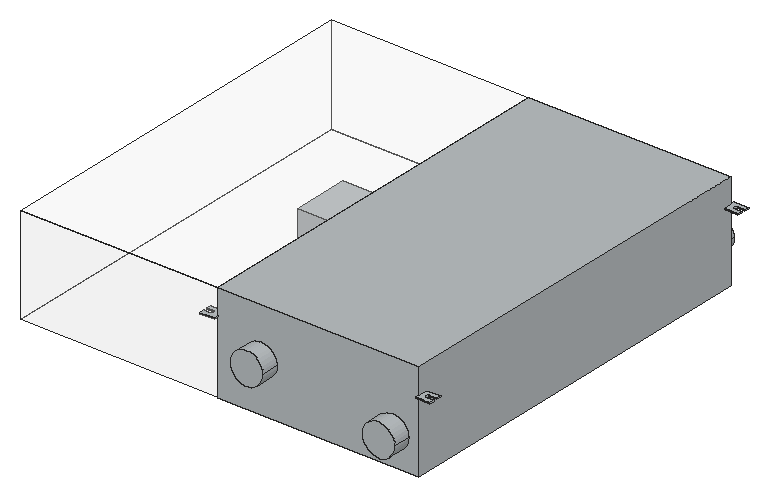
Revit family "lgh-n15_35rkx2(d)_rks2(d)_60Hz", category 機械設備, Revit 2019
Family settings
  丸型コネクタ寸法 = 直径を使用
  パーツ タイプ = 標準
  OmniClass 番号 = 23.75.10.34.21
  OmniClass タイトル = Heat Exchangers for Ventilation Air
  作業面ベース = いいえ
  常に垂直 = はい
  ロード時にボイドで切り取り = いいえ
  共有 = いいえ
  部屋計算ポイント = はい
Parameters (values of type "LGH-N15RKS2")
  騒音レベル(dB(A)) = 29
  風量 = 150.0 m³/h
  面風速 = 5.3 m/s
  電源種別 [instance] = ""
  電圧 = 100 V
  電動機出力 = 0 W
  集中コントローラ = ""
  運転質量 = 0.00 kg
  連動 [instance] = ""
  質量 = if(製品質量 > 運転質量, 製品質量, 運転質量) * 1.2  # 39.60 kg
  負荷分類 = 3_ファン類
  説明 = "業務用ロスナイ 天井埋込形加湿付"
  設計風量 = 0.0 m³/h
  設置方法 = "天井吊(隠ぺい)形"
  記号 [instance] = ""
  製造元 = "三菱電機株式会社"
  製品質量 = 33.00 kg
  製品出荷対象 = "国内"
  製品リリース年月 = "2015/1/30"
  製品グループ = ""
  給水管_D = 358 mm
  給水管_H = 92 mm
  給水管_Depth = 10 mm
  系統 [instance] = ""
  符号 = "HEU"
  積算_科目 = "1 空気調和設備"
  積算_拾い区分 [instance] = ""
  相 = 1
  盤記号 [instance] = ""
  発停方法 [instance] = ""
  特殊仕様 [instance] = ""
  点検口高さ = -Height  # -298 mm
  点検口離隔 = 150 mm
  点検口1_Width = 点検口1_Depth  # 450 mm
  点検口1_Depth = 450 mm
  点検口1_Center = 656 mm
  点検口 = yes
  火災停止 [instance] = ""
  温度交換効率 = 74.00%
  消費電力_加湿器 = 0 W
  消費電力 = 133 W
  法定耐用年数 = "15"
  機外静圧_排気 = 130.0 Pa
  機外静圧 = 130.0 Pa
  極数 = 2
  材質 [instance] = ""
  本体マテリアル = 溶融亜鉛めっき鋼板
  有効加湿量 = 0.44
  操作・制御方式 = ""
  操作・制御スイッチ = ""
  排気量 = 0.0 m³/h
  形式_加湿器 = ""
  形式 = "天井埋込ダクト形"
  幹線記号 [instance] = ""
  対象室 [instance] = ""
  実風量 = 0.0 m³/h
  始動方式 [instance] = "直入"
  天吊金具_径 = 6.5 mm
  天吊金具_幅 = 20 mm
  外気量 = 設計風量  # 0.0 m³/h
  呼称 = "全熱交換ユニット"
  周波数 = 60 Hz
  吊りボルトピッチ2 = 1169 mm
  吊りボルトピッチ1 = 658 mm
  吊りボルト_高さ = 75 mm
  参照している仕様書等のバージョン = ""
  加湿給水管径 = 21.7 mm
  初期抵抗 = 0.0 Pa
  分類コード = "50052504100070"
  分類グループ = ""
  価格 = 328000
  企業コード = "108420"
  付属品_フィルター_還気 = ""
  付属品_フィルター = ""
  付属品 [instance] = ""
  仕様書バージョン = "Version1.0"
  モデル = "LGH-N15RKS2"
  メンテナンススペース = yes
  ドレン管径 = 32 mm
  ドレン管_D = 307 mm
  ドレン管_H = 25 mm
  ドレン管_Depth = 10 mm
  コメント [instance] = ""
  Keynote = ""
  エンタルピ交換効率_暖房 = 69.00%
  エンタルピ交換効率_冷房 = 68.00%
  Assembly Code = ""
  Width = 611 mm
  Version = ""
  Uniclass2015Version = "Systems v1.9"
  Uniclass2015Title = "Thermal wheels"
  Uniclass2015Code = "Pr_60_60_36_88"
  URL = "https://www.mitsubishielectric.co.jp/ldg/wink/ssl/displayProduct.do?pid=254490"
  SpecificationReference = ""
  SpecificationDescription = ""
  SMAX風量 = 0.0 m³/h
  SMAX静圧 = 0.0 Pa
  SAサイズ_W = 0 mm
  SAサイズ_D = 97.5 mm
  Revision = ""
  RAサイズ_W = 0 mm
  RAサイズ_D = 97.5 mm
  ProductInformation = ""
  OmniClassCode = "23-27 23 19 11"
  OAダクト接続口方向_標準 = yes
  OAダクト接続口方向_変更 = not(OAダクト接続口方向_標準)  # no
  OAサイズ_W = 0 mm
  OAサイズ_D = 97.5 mm
  MIN風量 = 50.0 m³/h
  MIN静圧 = 15.0 Pa
  MID風量 = 100.0 m³/h
  MID静圧 = 60.0 Pa
  MAX風量 = 150.0 m³/h
  MAX静圧 = 130.0 Pa
  IfcTypeProduct = ""
  IfcProduct = ""
  IfcExportType = "ROTARYWHEEL"
  IfcExportAs = "IfcAirToAirHeatRecoveryType"
  Height = 298 mm
  EAダクト接続口方向_標準 = yes
  EAダクト接続口方向_変更 = not(EAダクト接続口方向_標準)  # no
  EAサイズ_W = 0 mm
  EAサイズ_D = 97.5 mm
  Duct_Width_RA = 225 mm
  Duct_Pitch_SA_RA = 400 mm
  Duct_Pitch_OA_EA = 450 mm
  Duct_Height_SA = 149 mm
  Duct_Height = 95 mm
  Duct_Depth = 53 mm
  Duct_Change_Center = 119 mm
  Depth = 1182 mm
  Clearance Top = 0 mm
  Clearance Left = 600 mm
  Clearance Bottom = 0 mm
  Box_Depth = 172 mm
  Box_Height = 262 mm
  Box_H = 20 mm
  Box_Width = 115 mm
  Box_D = 446 mm
  Author = "三菱電機株式会社"
Types (12, lengths in mm): name | 騒音レベル(dB(A)) | 風量 | 面風速 | 電圧 | 質量 | 製品質量 | 点検口高さ | 点検口1_Center | 温度交換効率 | 消費電力 | 機外静圧_排気 | 機外静圧 | 極数 | 有効加湿量 | 吊りボルトピッチ2 | 吊りボルトピッチ1 | 吊りボルト_高さ | 参照している仕様書等のバージョン | 価格 | モデル | エンタルピ交換効率_暖房 | エンタルピ交換効率_冷房 | Width | URL | SMAX風量 | SMAX静圧 | SAサイズ_D | RAサイズ_D | OAサイズ_D | MIN風量 | MIN静圧 | MID風量 | MID静圧 | MAX風量 | MAX静圧 | Height | EAサイズ_D | Duct_Width_RA | Duct_Pitch_SA_RA | Duct_Pitch_OA_EA | Duct_Height_SA | Duct_Height | Duct_Depth | Duct_Change_Center | Depth | Box_H | Box_D
  LGH-N15RKS2 | 29 | 150.0 m³/h | 5.3 m/s | 100 V | 39.60 kg | 33.00 kg | -298 | 656 | 74.00% | 133 W | 130.0 Pa | 130.0 Pa | 2 | 0.44 | 1169 | 658 | 75 | "" | 328000 | "LGH-N15RKS2" | 69.00% | 68.00% | 611 | "https://www.mitsubishielectric.co.jp/ldg/wink/ssl/displayProduct.do?pid=254490" | 0.0 m³/h | 0.0 Pa | 97.5 | 97.5 | 97.5 | 50.0 m³/h | 15.0 Pa | 100.0 m³/h | 60.0 Pa | 150.0 m³/h | 130.0 Pa | 298 | 97.5 | 225 | 400 | 450 | 149 | 95 | 53 | 119 | 1182 | 20 | 446
  LGH-N15RKS2D | 29 | 150.0 m³/h | 5.3 m/s | 200 V | 39.60 kg | 33.00 kg | -298 | 656 | 74.00% | 125 W | 130.0 Pa | 130.0 Pa | 3 | 0.44 | 1169 | 658 | 75 | "" | 328000 | "LGH-N15RKS2D" | 69.00% | 68.00% | 611 | "https://www.mitsubishielectric.co.jp/ldg/wink/ssl/displayProduct.do?pid=254491" | 0.0 m³/h | 0.0 Pa | 97.5 | 97.5 | 97.5 | 60.0 m³/h | 21.0 Pa | 100.0 m³/h | 60.0 Pa | 150.0 m³/h | 130.0 Pa | 298 | 97.5 | 225 | 400 | 450 | 149 | 95 | 53 | 119 | 1182 | 20 | 446
  LGH-N15RKX2 | 29 | 150.0 m³/h | 5.3 m/s | 100 V | 39.60 kg | 33.00 kg | -298 | 656 | 74.00% | 133 W | 130.0 Pa | 130.0 Pa | 2 | 0.44 | 1169 | 658 | 75 | "公共建築工事標準仕様書（機械設備工事編）平成31年度版" | 475000 | "LGH-N15RKX2" | 69.00% | 68.00% | 611 | "https://www.mitsubishielectric.co.jp/ldg/wink/ssl/displayProduct.do?pid=254492" | 0.0 m³/h | 0.0 Pa | 97.5 | 97.5 | 97.5 | 50.0 m³/h | 15.0 Pa | 100.0 m³/h | 60.0 Pa | 150.0 m³/h | 130.0 Pa | 298 | 97.5 | 225 | 400 | 450 | 149 | 95 | 53 | 119 | 1182 | 20 | 446
  LGH-N15RKX2D | 29 | 150.0 m³/h | 5.3 m/s | 200 V | 39.60 kg | 33.00 kg | -298 | 656 | 74.00% | 125 W | 130.0 Pa | 130.0 Pa | 3 | 0.44 | 1169 | 658 | 75 | "公共建築工事標準仕様書（機械設備工事編）平成31年度版" | 475000 | "LGH-N15RKX2D" | 69.00% | 68.00% | 611 | "https://www.mitsubishielectric.co.jp/ldg/wink/ssl/displayProduct.do?pid=254475" | 0.0 m³/h | 0.0 Pa | 97.5 | 97.5 | 97.5 | 60.0 m³/h | 21.0 Pa | 100.0 m³/h | 60.0 Pa | 150.0 m³/h | 130.0 Pa | 298 | 97.5 | 225 | 400 | 450 | 149 | 95 | 53 | 119 | 1182 | 20 | 446
  LGH-N25RKS2 | 29 | 250.0 m³/h | 3.9 m/s | 100 V | 43.20 kg | 36.00 kg | -298 | 656 | 74.00% | 162 W | 90.0 Pa | 90.0 Pa | 2 | 0.73 | 1199 | 782 | 75 | "" | 356000 | "LGH-N25RKS2" | 69.00% | 68.00% | 735 | "https://www.mitsubishielectric.co.jp/ldg/wink/ssl/displayProduct.do?pid=254493" | 0.0 m³/h | 0.0 Pa | 142 | 142 | 142 | 70.0 m³/h | 7.0 Pa | 145.0 m³/h | 30.0 Pa | 250.0 m³/h | 90.0 Pa | 298 | 142 | 265 | 505 | 530 | 149 | 115 | 63 | 102 | 1212 | 20 | 476
  LGH-N25RKS2D | 29 | 250.0 m³/h | 3.9 m/s | 200 V | 43.20 kg | 36.00 kg | -298 | 656 | 74.00% | 173 W | 90.0 Pa | 90.0 Pa | 3 | 0.73 | 1199 | 782 | 75 | "" | 356000 | "LGH-N25RKS2D" | 69.00% | 68.00% | 735 | "https://www.mitsubishielectric.co.jp/ldg/wink/ssl/displayProduct.do?pid=254494" | 0.0 m³/h | 0.0 Pa | 142 | 142 | 142 | 70.0 m³/h | 7.0 Pa | 155.0 m³/h | 35.0 Pa | 250.0 m³/h | 90.0 Pa | 298 | 142 | 265 | 505 | 530 | 149 | 115 | 63 | 102 | 1212 | 20 | 476
  LGH-N25RKX2 | 29 | 250.0 m³/h | 3.9 m/s | 100 V | 43.20 kg | 36.00 kg | -298 | 656 | 74.00% | 162 W | 90.0 Pa | 90.0 Pa | 2 | 0.73 | 1199 | 782 | 75 | "公共建築工事標準仕様書（機械設備工事編）平成31年度版" | 515000 | "LGH-N25RKX2" | 69.00% | 68.00% | 735 | "https://www.mitsubishielectric.co.jp/ldg/wink/ssl/displayProduct.do?pid=254495" | 0.0 m³/h | 0.0 Pa | 142 | 142 | 142 | 70.0 m³/h | 7.0 Pa | 145.0 m³/h | 30.0 Pa | 250.0 m³/h | 90.0 Pa | 298 | 142 | 265 | 505 | 530 | 149 | 115 | 63 | 102 | 1212 | 20 | 476
  LGH-N25RKX2D | 29 | 250.0 m³/h | 3.9 m/s | 200 V | 43.20 kg | 36.00 kg | -298 | 656 | 74.00% | 173 W | 90.0 Pa | 90.0 Pa | 3 | 0.73 | 1199 | 782 | 75 | "公共建築工事標準仕様書（機械設備工事編）平成31年度版" | 515000 | "LGH-N25RKX2D" | 69.00% | 68.00% | 735 | "https://www.mitsubishielectric.co.jp/ldg/wink/ssl/displayProduct.do?pid=254496" | 0.0 m³/h | 0.0 Pa | 142 | 142 | 142 | 70.0 m³/h | 7.0 Pa | 155.0 m³/h | 35.0 Pa | 250.0 m³/h | 90.0 Pa | 298 | 142 | 265 | 505 | 530 | 149 | 115 | 63 | 102 | 1212 | 20 | 476
  LGH-N35RKS2 | 32.5 | 350.0 m³/h | 5.5 m/s | 100 V | 52.80 kg | 44.00 kg | -331 | 732 | 75.00% | 227 W | 170.0 Pa | 170.0 Pa | 2 | 1.01 | 1275 | 922 | 85 | "" | 406000 | "LGH-N35RKS2" | 71.00% | 70.00% | 874 | "https://www.mitsubishielectric.co.jp/ldg/wink/ssl/displayProduct.do?pid=254497" | 350.0 m³/h | 170.0 Pa | 142 | 142 | 142 | 110.0 m³/h | 7.0 Pa | 250.0 m³/h | 50.0 Pa | 350.0 m³/h | 85.0 Pa | 331 | 142 | 325 | 400 | 650 | 165 | 110 | 64 | 124 | 1288 | 12 | 476
  LGH-N35RKS2D | 32.5 | 350.0 m³/h | 5.5 m/s | 200 V | 52.80 kg | 44.00 kg | -331 | 732 | 75.00% | 212 W | 170.0 Pa | 170.0 Pa | 3 | 1.01 | 1275 | 922 | 85 | "" | 406000 | "LGH-N35RKS2D" | 71.00% | 70.00% | 874 | "https://www.mitsubishielectric.co.jp/ldg/wink/ssl/displayProduct.do?pid=254498" | 350.0 m³/h | 170.0 Pa | 142 | 142 | 142 | 135.0 m³/h | 10.0 Pa | 245.0 m³/h | 40.0 Pa | 350.0 m³/h | 85.0 Pa | 331 | 142 | 325 | 400 | 650 | 165 | 110 | 64 | 124 | 1288 | 12 | 476
  LGH-N35RKX2 | 32.5 | 350.0 m³/h | 5.5 m/s | 100 V | 52.80 kg | 44.00 kg | -331 | 732 | 75.00% | 227 W | 170.0 Pa | 170.0 Pa | 2 | 1.01 | 1275 | 922 | 85 | "公共建築工事標準仕様書（機械設備工事編）平成31年度版" | 573000 | "LGH-N35RKX2" | 71.00% | 70.00% | 874 | "https://www.mitsubishielectric.co.jp/ldg/wink/ssl/displayProduct.do?pid=254499" | 350.0 m³/h | 170.0 Pa | 142 | 142 | 142 | 110.0 m³/h | 7.0 Pa | 250.0 m³/h | 50.0 Pa | 350.0 m³/h | 85.0 Pa | 331 | 142 | 325 | 400 | 650 | 165 | 110 | 64 | 124 | 1288 | 12 | 476
  LGH-N35RKX2D | 32.5 | 350.0 m³/h | 5.5 m/s | 200 V | 52.80 kg | 44.00 kg | -331 | 732 | 75.00% | 212 W | 170.0 Pa | 170.0 Pa | 3 | 1.01 | 1275 | 922 | 85 | "公共建築工事標準仕様書（機械設備工事編）平成31年度版" | 573000 | "LGH-N35RKX2D" | 71.00% | 70.00% | 874 | "https://www.mitsubishielectric.co.jp/ldg/wink/ssl/displayProduct.do?pid=254500" | 350.0 m³/h | 170.0 Pa | 142 | 142 | 142 | 135.0 m³/h | 10.0 Pa | 245.0 m³/h | 40.0 Pa | 350.0 m³/h | 85.0 Pa | 331 | 142 | 325 | 400 | 650 | 165 | 110 | 64 | 124 | 1288 | 12 | 476
Reference planes
  plane 1 "中心(正面/背面)": y = 0
  plane 2: z = 0
  plane 3 "中心(左/右)": x = 0
  plane 4: x = -305.5
  plane 5: x = 305.5
  plane 6: y = 591
  plane 7: y = -591
  plane 8: z = -298
  plane 9: z = -203
  plane 10: z = -149
  plane 11: x = 225
  plane 12: x = -175
  plane 13: y = -644
  plane 14: y = 644
  plane 15: x = -225
  plane 16: x = 225
  plane 17: y = -145
  plane 18: z = -20
  plane 19: y = 27
  plane 20: z = -282
  plane 21: x = -420.5
  plane 22: y = -284
  plane 23: y = -233
  plane 24: z = -273
  plane 25: z = -206
  plane 26: x = -315.5
  plane 27: x = -315.5
  plane 28: y = 472
  plane 29: x = -358.5
  plane 30: x = 358.5
  plane 31: x = -905.5
  plane 32: z = -298
  plane 33: y = -336
  plane 34: x = -455.5
  plane 35: y = 160
  plane 36: x = -329
  plane 37: x = 329
  plane 38: y = -584.5
  plane 39: y = 584.5
  plane 40: y = -65
  plane 41: y = -290
  plane 42: x = -349
  plane 43: x = 349
  plane 44: y = 564.5
  plane 45: y = 604.5
  plane 46: z = -75
  plane 47: z = -78
  plane 48: y = -564.5
  plane 49: y = -604.5
  plane 50: z = 0
Forms (mm)
  Extrusion 1, solid, material "溶融亜鉛めっき鋼板" <- "本体マテリアル", detail levels fine
    sketch origin (0, 0, 0) x (1, 0, 0) y (0, 1, 0)
      loop
        line (-305.5, 591) -> (-305.5, -591) -> (305.5, -591) -> (305.5, 591) -> (-305.5, 591)
    from 0 to -298
  Extrusion 2, solid, material "溶融亜鉛めっき鋼板" <- "本体マテリアル", detail levels fine
    sketch origin (0, 0, 0) x (1, 0, 0) y (0, 0, 1)
      loop
        circle (-175, -149) r 48.75
    from 591 to 644
  Extrusion 3, solid, material "溶融亜鉛めっき鋼板" <- "本体マテリアル", visible <- "OAダクト接続口方向_標準", detail levels fine
    sketch origin (0, 0, 0) x (1, 0, 0) y (0, 0, 1)
      loop
        circle (-225, -203) r 48.75
    from -644 to -591
  Extrusion 4, solid, material "溶融亜鉛めっき鋼板" <- "本体マテリアル", visible <- "EAダクト接続口方向_標準", detail levels fine
    sketch origin (0, 0, 0) x (1, 0, 0) y (0, 0, 1)
      loop
        circle (225, -203) r 48.75
    from -644 to -591
  Extrusion 5, solid, material "溶融亜鉛めっき鋼板" <- "本体マテリアル", detail levels fine
    sketch origin (0, 0, 0) x (0, 1, 0) y (0, 0, 1)
      loop
        line (-145, -20) -> (-145, -282) -> (27, -282) -> (27, -20) -> (-145, -20)
    from -420.5 to -305.5
  Extrusion 6, solid, material "溶融亜鉛めっき鋼板" <- "本体マテリアル", detail levels fine
    sketch origin (0, 0, 0) x (0, 1, 0) y (0, 0, 1)
      loop
        circle (-284, -273) r 16
    from -315.5 to -305.5
  Extrusion 7, solid, material "溶融亜鉛めっき鋼板" <- "本体マテリアル", detail levels fine
    sketch origin (0, 0, 0) x (0, 1, 0) y (0, 0, 1)
      loop
        circle (-233, -206) r 10.85
    from -315.5 to -305.5
  Extrusion 8, solid, material "溶融亜鉛めっき鋼板" <- "本体マテリアル", visible <- "OAダクト接続口方向_変更", detail levels fine
    sketch origin (0, 0, 0) x (0, 1, 0) y (0, 0, 1)
      loop
        circle (472, -203) r 48.75
    from -358.5 to -305.5
  Extrusion 9, solid, material "溶融亜鉛めっき鋼板" <- "本体マテリアル", visible <- "EAダクト接続口方向_変更", detail levels fine
    sketch origin (0, 0, 0) x (0, 1, 0) y (0, 0, 1)
      loop
        circle (472, -203) r 48.75
    from 305.5 to 358.5
  Extrusion 10, solid, material "溶融亜鉛めっき鋼板" <- "本体マテリアル", detail levels fine
    sketch origin (0, 0, 0) x (1, 0, 0) y (0, 1, 0)
      loop
        line (-305.5, 604.5) -> (-349, 604.5) -> (-349, 591) -> (-329, 591)
        arc (-329, 591) -> (-322.5, 584.5) -> (-329, 578) r 6.5
        line (-329, 578) -> (-349, 578) -> (-349, 564.5) -> (-305.5, 564.5) -> (-305.5, 604.5)
    from -75 to -78
  Extrusion 11, solid, material "溶融亜鉛めっき鋼板" <- "本体マテリアル", detail levels fine
    sketch origin (0, 0, 0) x (-1, 0, 0) y (0, -1, 0)
      loop
        line (-305.5, -604.5) -> (-305.5, -564.5) -> (-349, -564.5) -> (-349, -578) -> (-329, -578)
        arc (-329, -578) -> (-322.5, -584.5) -> (-329, -591) r 6.5
        line (-329, -591) -> (-349, -591) -> (-349, -604.5) -> (-305.5, -604.5)
    from -75 to -78
  Extrusion 12, solid, material "溶融亜鉛めっき鋼板" <- "本体マテリアル", detail levels fine
    sketch origin (0, 0, 0) x (-1, 0, 0) y (0, -1, 0)
      loop
        line (-305.5, 604.5) -> (-349, 604.5) -> (-349, 591) -> (-329, 591)
        arc (-329, 591) -> (-322.5, 584.5) -> (-329, 578) r 6.5
        line (-329, 578) -> (-349, 578) -> (-349, 564.5) -> (-305.5, 564.5) -> (-305.5, 604.5)
    from -75 to -78
  Extrusion 13, solid, material "溶融亜鉛めっき鋼板" <- "本体マテリアル", detail levels fine
    sketch origin (0, 0, 0) x (1, 0, 0) y (0, 1, 0)
      loop
        line (-305.5, -604.5) -> (-305.5, -564.5) -> (-349, -564.5) -> (-349, -578) -> (-329, -578)
        arc (-329, -578) -> (-322.5, -584.5) -> (-329, -591) r 6.5
        line (-329, -591) -> (-349, -591) -> (-349, -604.5) -> (-305.5, -604.5)
    from -75 to -78
  Extrusion 14, solid, material "溶融亜鉛めっき鋼板" <- "本体マテリアル", detail levels fine
    sketch origin (0, 0, 0) x (1, 0, 0) y (0, 0, 1)
      loop
        circle (225, -203) r 48.75
    from 591 to 644
Lines and regions (mm)
  Masking region 1, detail levels coarse+medium
    outline origin (0, 0, 0) x (1, 0, 0) y (0, 1, 0)
      loop
        line (-305.5, 591) -> (-305.5, -591) -> (305.5, -591) -> (305.5, 591) -> (-305.5, 591)
  symbolic lines, detail levels coarse+medium
    curve 1: line (-1.977, 588.477, 0) -> (-305.5, 0, 0)
    curve 2: line (-305.5, 0, 0) -> (1.977, -588.477, 0)
    curve 3: line (1.977, -588.477, 0) -> (305.5, 0, 0)
    curve 4: line (305.5, 0, 0) -> (-1.977, 588.477, 0)
Dimensions and locks
  equal spacing: plane 4, plane 3 "中心(左/右)", plane 5
  "Width": plane 4 to plane 5
  equal spacing: plane 6, plane 1 "中心(正面/背面)", plane 7
  "Depth": plane 6 to plane 7
  "Height": level to plane 8
  "Duct_Height": plane 9 to plane 8
  "Duct_Height_SA": plane 10 to plane 8
  "Duct_Width_RA": plane 11 to plane 3 "中心(左/右)"
  "Duct_Pitch_SA_RA": plane 11 to plane 12
  "Duct_Depth": plane 7 to plane 13
  "Duct_Depth": plane 6 to plane 14
  equal spacing: plane 15, plane 3 "中心(左/右)", plane 16
  "Duct_Pitch_OA_EA": plane 15 to plane 16
  "Box_D": plane 17 to plane 7
  "Box_Depth": plane 19 to plane 17
  "Box_Height": plane 18 to plane 20
  "Box_Width": plane 21 to plane 4
  "ドレン管_D": plane 22 to plane 7
  "給水管_D": plane 23 to plane 7
  "ドレン管_H": plane 8 to plane 24
  "給水管_H": plane 8 to plane 25
  "給水管_Depth": plane 26 to plane 4
  "ドレン管_Depth": plane 27 to plane 4
  "Duct_Change_Center": plane 6 to plane 28
  "Duct_Depth": plane 29 to plane 4
  "Duct_Depth": plane 5 to plane 30
  "Clearance Left": plane 31 to plane 4
  nested 1 to plane 4 = 0 mm
  "点検口離隔": plane 34 to plane 4
  equal spacing: plane 36, plane 3 "中心(左/右)", plane 37
  "吊りボルトピッチ1": plane 36 to plane 37
  equal spacing: plane 39, plane 1 "中心(正面/背面)", plane 38
  "吊りボルトピッチ2": plane 39 to plane 38
  "点検口1_Center": plane 6 to plane 40
  equal spacing: plane 41, plane 40, plane 35
  "点検口1_Depth": plane 35 to plane 41
  "天吊金具_幅": plane 42 to plane 36
  "天吊金具_幅": plane 37 to plane 43
  locked: plane 45 to plane 44 at 40
  equal spacing: plane 45, plane 39, plane 44
  "吊りボルト_高さ": level to plane 46
  locked: plane 46 to plane 47 at 3
  locked: plane 49 to plane 48 at 40
  equal spacing: plane 49, plane 38, plane 48
  "Box_H": level to plane 18
  "Clearance Bottom": plane 8 to plane 32
  "Clearance Top": plane 50 to level
  "SAサイズ_D": diameter of Extrusion 2 sketch curve
  "OAサイズ_D": diameter of Extrusion 3 sketch curve
  "EAサイズ_D": diameter of Extrusion 4 sketch curve
  "ドレン管径": diameter of Extrusion 6 sketch curve
  "加湿給水管径": diameter of Extrusion 7 sketch curve
  "OAサイズ_D": diameter of Extrusion 8 sketch curve
  "EAサイズ_D": diameter of Extrusion 9 sketch curve
  "天吊金具_径": radius of Extrusion 10 sketch curve
  "天吊金具_径": radius of Extrusion 11 sketch curve
  "天吊金具_径": radius of Extrusion 12 sketch curve
  "天吊金具_径": radius of Extrusion 13 sketch curve
  "RAサイズ_D": diameter of Extrusion 14 sketch curve
  aligned and locked: level to plane 2
  aligned and locked: Masking region 1 to plane 7
  aligned and locked: Masking region 1 to plane 4
  aligned and locked: plane 6 to Masking region 1
  aligned and locked: plane 5 to Masking region 1
  aligned and locked: Extrusion 1 to plane 8
  aligned and locked: plane 7 to Extrusion 2
  aligned and locked: Extrusion 4 to plane 14
  aligned and locked: Extrusion 3 to plane 14
  aligned and locked: Extrusion 3 to plane 6
  aligned and locked: Extrusion 4 to plane 6
  aligned and locked: Extrusion 5 to plane 21
  aligned and locked: Extrusion 5 to plane 20
  aligned and locked: plane 17 to Extrusion 5
  aligned and locked: Extrusion 5 to plane 19
  aligned and locked: plane 18 to Extrusion 5
  aligned and locked: plane 4 to Extrusion 7
  aligned and locked: Extrusion 7 to plane 26
  aligned and locked: Extrusion 6 to plane 27
  aligned and locked: plane 4 to Extrusion 6
  aligned and locked: Extrusion 8 to plane 29
  aligned and locked: plane 4 to Extrusion 8
  aligned and locked: plane 30 to Extrusion 9
  aligned and locked: Extrusion 9 to plane 5
  aligned and locked: plane 32 to nested 1
  aligned and locked: plane 4 to nested 1
  aligned and locked: plane 31 to nested 1
  aligned and locked: nested 1 to plane 6
  aligned and locked: nested 1 to plane 7
  aligned and locked: plane 37 to nested 2
  aligned and locked: plane 39 to nested 2
  aligned and locked: nested 2 to plane 38
  aligned and locked: plane 36 to nested 2
  aligned and locked: plane 34 to nested 3
  aligned and locked: nested 3 to plane 35
  aligned and locked: plane 41 to nested 3
  aligned and locked: Extrusion 10 to plane 42  (x2)
  aligned and locked: Extrusion 10 to plane 45
  aligned and locked: Extrusion 10 to plane 44
  aligned and locked: Extrusion 10 to Masking region 1
  aligned and locked: Extrusion 10 to plane 46
  aligned and locked: Extrusion 10 to plane 47
  aligned and locked: Extrusion 11 to plane 43  (x2)
  aligned and locked: Extrusion 11 to plane 45
  aligned and locked: Extrusion 11 to plane 44
  aligned and locked: Extrusion 11 to Masking region 1
  aligned and locked: Extrusion 12 to plane 49
  aligned and locked: Extrusion 12 to plane 48
  aligned and locked: Extrusion 13 to plane 49
  aligned and locked: Extrusion 13 to plane 42  (x2)
  aligned and locked: Extrusion 13 to plane 48
  aligned and locked: Extrusion 13 to Masking region 1
  aligned and locked: Extrusion 13 to Extrusion 10  (x2)
  aligned and locked: Extrusion 12 to plane 47
  aligned and locked: plane 46 to Extrusion 12
  aligned and locked: plane 46 to Extrusion 11
  aligned and locked: Extrusion 11 to plane 47
  aligned and locked: Extrusion 5 to Masking region 1
  aligned and locked: Extrusion 2 to plane 13
  aligned and locked: Extrusion 2 to Extrusion 14
  aligned and locked: Extrusion 14 to Masking region 1
  aligned and locked: plane 50 to nested 1
Automatic sketch dimensions
  plane 1 "中心(正面/背面)" to curve 1 = 0 mm
  curve 1 to plane 4 = 0 mm
  plane 1 "中心(正面/背面)" to curve 4 = 0 mm
  curve 4 to plane 5 = 0 mm
  curve 4 to plane 3 "中心(左/右)" = 1.977 mm
  plane 3 "中心(左/右)" to curve 3 = 1.977 mm
  plane 7 to curve 3 = 2.523 mm
  curve 4 to plane 6 = 2.523 mm
  Masking region 1 sketch curve to plane 4 = 0 mm
  Masking region 1 sketch curve to plane 5 = 0 mm
  Masking region 1 sketch curve to plane 7 = 0 mm
  Masking region 1 sketch curve to plane 6 = 0 mm
  Extrusion 1 sketch curve to plane 4 = 0 mm
  Extrusion 1 sketch curve to plane 5 = 0 mm
  Extrusion 1 sketch curve to plane 7 = 0 mm
  Extrusion 1 sketch curve to plane 6 = 0 mm
  Extrusion 2 sketch curve to plane 10 = 0 mm
  Extrusion 2 sketch curve to plane 12 = 0 mm
  Extrusion 3 sketch curve to plane 9 = 0 mm
  plane 15 to Extrusion 3 sketch curve = 0 mm
  Extrusion 4 sketch curve to plane 9 = 0 mm
  plane 16 to Extrusion 4 sketch curve = 0 mm
  Extrusion 5 sketch curve to plane 17 = 0 mm
  Extrusion 5 sketch curve to plane 19 = 0 mm
  Extrusion 5 sketch curve to plane 20 = 0 mm
  Extrusion 5 sketch curve to plane 18 = 0 mm
  Extrusion 6 sketch curve to plane 22 = 0 mm
  plane 24 to Extrusion 6 sketch curve = 0 mm
  Extrusion 7 sketch curve to plane 23 = 0 mm
  plane 25 to Extrusion 7 sketch curve = 0 mm
  Extrusion 8 sketch curve to plane 9 = 0 mm
  Extrusion 8 sketch curve to plane 28 = 0 mm
  Extrusion 9 sketch curve to plane 9 = 0 mm
  Extrusion 9 sketch curve to plane 28 = 0 mm
  Extrusion 14 sketch curve to plane 9 = 0 mm
  Extrusion 14 sketch curve to plane 11 = 0 mm
  Extrusion 10 sketch curve to plane 42 = 0 mm  (x2)
  Extrusion 10 sketch curve to plane 36 = 0 mm
  Extrusion 10 sketch curve to plane 4 = 0 mm
  Extrusion 10 sketch curve to plane 44 = 0 mm
  Extrusion 10 sketch curve to plane 39 = 0 mm
  plane 45 to Extrusion 10 sketch curve = 0 mm
  Extrusion 11 sketch curve to plane 43 = 0 mm  (x2)
  Extrusion 11 sketch curve to plane 37 = 0 mm
  Extrusion 11 sketch curve to plane 5 = 0 mm
  Extrusion 11 sketch curve to plane 44 = 0 mm
  Extrusion 11 sketch curve to plane 39 = 0 mm
  plane 45 to Extrusion 11 sketch curve = 0 mm
  Extrusion 12 sketch curve to plane 43 = 0 mm  (x2)
  Extrusion 12 sketch curve to plane 37 = 0 mm
  Extrusion 12 sketch curve to plane 5 = 0 mm
  plane 48 to Extrusion 12 sketch curve = 0 mm
  Extrusion 12 sketch curve to plane 38 = 0 mm
  Extrusion 12 sketch curve to plane 49 = 0 mm
  Extrusion 13 sketch curve to plane 42 = 0 mm  (x2)
  Extrusion 13 sketch curve to plane 36 = 0 mm
  Extrusion 13 sketch curve to plane 4 = 0 mm
  plane 48 to Extrusion 13 sketch curve = 0 mm
  Extrusion 13 sketch curve to plane 38 = 0 mm
  Extrusion 13 sketch curve to plane 49 = 0 mm
Nested families
  nested 1: "メンテナンススペース" at (-605.5, 0, -149), visible <- "メンテナンススペース", type "メンテナンススペース"
    with Width 600 mm, Height 298 mm, Depth 1182 mm
  nested 2: "固定点" at (-329, -584.5, 0), type "固定点"
    with W 658 mm, D 1169 mm
  nested 3: "点検口設置範囲" at (-680.5, -65, -298), Width <- "点検口1_Width", built-in parameter 1001364 <- "点検口高さ", visible <- "点検口", type "点検口設置範囲"
    with Width 450 mm, Depth 450 mm
Connectors
  electrical at (-363, -145, -151), driven by "極数", driven by "負荷分類", driven by "電圧", driven by "消費電力"
    settings: on Extrusion 5, index 1, voltage 100 V, apparent load 133 VA, apparent load phase1 0 VA, apparent load phase2 0 VA, apparent load phase3 0 VA, power factor 1, load classification "3_ファン類", number of poles 2, system type 30, power factor state 1, is connector primary yes, connector utility no, sub classification motor no, connector description ""
  piping at (-315.5, -233, -206), diameter 21.7, driven by "加湿給水管径"
    settings: on Extrusion 7, index 3, connector inside diameter 609.6 mm, connector length 0 mm, flow factor 0, pipe flow 0.0 L/s, pressure drop 0.0 Pa, fitting loss kfactor 0, connector angle 0.00°, fixture units 0, engagement length 0 mm, angle of deflection 0.00°, flow configuration 0, flow direction 1, fitting loss method 0, system type 19, joint type 0, gender type 0, connector reference index -1, connector utility 0, adjustable connector no, is connector primary yes, connector description ""
  piping at (-315.5, -284, -273), diameter 32, driven by "ドレン管径"
    settings: on Extrusion 6, index 5, connector inside diameter 609.6 mm, connector length 0 mm, flow factor 0, pipe flow 0.0 L/s, pressure drop 0.0 Pa, fitting loss kfactor 0, connector angle 0.00°, fixture units 0, engagement length 0 mm, angle of deflection 0.00°, flow configuration 0, flow direction 2, fitting loss method 0, system type 16, joint type 0, gender type 0, connector reference index -1, connector utility 0, adjustable connector no, is connector primary no, connector description ""
  hvac at (-175, -644, -149), driven by "SAサイズ_D", driven by "MAX静圧", driven by "風量"
    settings: on Extrusion 2, index 6, duct flow 150.0 m³/h, flow factor 0, pres drop 130.0 Pa, loss coef 0, conn angle 0.00°, conn width 304.8 mm, conn height 304.8 mm, conn diameter 97.5 mm, duct sys type 1, conn prof type 0, flow config 1, flow direction 2, loss method 4, conn ref index -1, conn util no, is conn primary yes, conn desc ""
  hvac at (225, 644, -203), driven by "機外静圧_排気", driven by "排気量", driven by "EAサイズ_D"
    settings: on Extrusion 4, index 8, duct flow 0.0 m³/h, flow factor 0, pres drop 130.0 Pa, loss coef 0, conn angle 0.00°, conn width 304.8 mm, conn height 304.8 mm, conn diameter 97.5 mm, duct sys type 3, conn prof type 0, flow config 0, flow direction 2, loss method 4, conn ref index -1, conn util no, is conn primary no, conn desc ""
  hvac at (-225, 644, -203), driven by "機外静圧", driven by "外気量", driven by "OAサイズ_D"
    settings: on Extrusion 3, index 9, duct flow 0.0 m³/h, flow factor 0, pres drop 130.0 Pa, loss coef 0, conn angle 0.00°, conn width 304.8 mm, conn height 304.8 mm, conn diameter 97.5 mm, duct sys type 4, conn prof type 0, flow config 0, flow direction 1, loss method 4, conn ref index -1, conn util no, is conn primary no, conn desc ""
  hvac at (-358.5, 472, -203), driven by "OAサイズ_D", driven by "機外静圧", driven by "風量"
    settings: on Extrusion 8, index 10, duct flow 150.0 m³/h, flow factor 0, pres drop 130.0 Pa, loss coef 0, conn angle 0.00°, conn width 304.8 mm, conn height 304.8 mm, conn diameter 97.5 mm, duct sys type 3, conn prof type 0, flow config 0, flow direction 1, loss method 4, conn ref index -1, conn util no, is conn primary no, conn desc ""
  hvac at (358.5, 472, -203), driven by "EAサイズ_D", driven by "機外静圧_排気", driven by "排気量"
    settings: on Extrusion 9, index 11, duct flow 0.0 m³/h, flow factor 0, pres drop 130.0 Pa, loss coef 0, conn angle 0.00°, conn width 304.8 mm, conn height 304.8 mm, conn diameter 97.5 mm, duct sys type 3, conn prof type 0, flow config 0, flow direction 2, loss method 4, conn ref index -1, conn util no, is conn primary no, conn desc ""
  hvac at (225, -644, -203), driven by "RAサイズ_D", driven by "機外静圧", driven by "風量"
    settings: on Extrusion 14, index 12, duct flow 150.0 m³/h, flow factor 0, pres drop 130.0 Pa, loss coef 0, conn angle 0.00°, conn width 304.8 mm, conn height 304.8 mm, conn diameter 97.5 mm, duct sys type 2, conn prof type 0, flow config 0, flow direction 1, loss method 4, conn ref index -1, conn util no, is conn primary no, conn desc ""
Definition of nested family "メンテナンススペース"
  Parameters (values of type "メンテナンススペース")
    Width [instance] = 500 mm
    Height [instance] = 500 mm
    Depth [instance] = 500 mm
  Reference planes
    plane 1 "中心(正面/背面)": y = 0
    plane 2: z = 0
    plane 3 "中心(左/右)": x = 0
    plane 4: y = -250
    plane 5: x = 250
    plane 6: y = 250
    plane 7: x = -250
    plane 8: z = 250
    plane 9: z = -250
  Forms (mm)
    Extrusion 1, solid
      sketch origin (-638.939, 0, 72.39) x (1, 0, 0) y (0, 1, 0)
        loop
          line (388.939, 250) -> (388.939, -250) -> (888.939, -250) -> (888.939, 250) -> (388.939, 250)
      from -322.39 to 177.61
  Lines and regions (mm)
    symbolic lines
      curve 1: line (-250, 0, 250) -> (250, 0, 250)
      curve 2: line (-250, 0, -250) -> (-250, 0, 250)
      curve 3: line (250, 0, -250) -> (-250, 0, -250)
      curve 4: line (250, 0, 250) -> (250, 0, -250)
      curve 5: line (0, -250, 250) -> (0, 250, 250)
      curve 6: line (0, -250, -250) -> (0, -250, 250)
      curve 7: line (0, 250, -250) -> (0, -250, -250)
      curve 8: line (0, 250, 250) -> (0, 250, -250)
      curve 9: line (-250, 250, 0) -> (250, 250, 0)
      curve 10: line (-250, -250, 0) -> (-250, 250, 0)
      curve 11: line (250, -250, 0) -> (-250, -250, 0)
      curve 12: line (250, 250, 0) -> (250, -250, 0)
  Dimensions and locks
    equal spacing: plane 7, plane 3 "中心(左/右)", plane 5
    equal spacing: plane 4, plane 1 "中心(正面/背面)", plane 6
    "Depth": plane 4 to plane 6
    "Width": plane 7 to plane 5
    equal spacing: plane 8, plane 2, plane 9
    "Height": plane 8 to plane 9
    aligned and locked: plane 9 to curve 3
    aligned and locked: plane 7 to curve 2
    aligned and locked: curve 4 to plane 5
    aligned and locked: plane 5 to Extrusion 1
    aligned and locked: Extrusion 1 to plane 7
    aligned and locked: Extrusion 1 to plane 9
    aligned and locked: plane 8 to Extrusion 1
    aligned and locked: plane 9 to curve 7
  Automatic sketch dimensions
    plane 4 to Extrusion 1 sketch curve = 0 mm
    Extrusion 1 sketch curve to plane 7 = 0 mm
    Extrusion 1 sketch curve to plane 5 = 0 mm
    plane 6 to Extrusion 1 sketch curve = 0 mm
    curve 2 to plane 8 = 0 mm
    plane 4 to curve 11 = 0 mm
    curve 11 to plane 7 = 0 mm
    curve 11 to plane 5 = 0 mm
    plane 6 to curve 10 = 0 mm
    curve 7 to plane 4 = 0 mm
    curve 7 to plane 6 = 0 mm
    curve 6 to plane 8 = 0 mm
Definition of nested family "固定点"
  Parameters (values of type "固定点")
    中心円 = 20 mm
    W [instance] = 1000 mm
    D [instance] = 1000 mm
  Reference planes
    plane 1 "中心(正面/背面)": y = 0
    plane 2: z = 0
    plane 3 "中心(左/右)": x = 0
    plane 4: x = 1000
    plane 5: y = 1000
  Lines and regions (mm)
    symbolic lines, detail levels fine
      curve 1: circle (0, 1000, 0) r 10 normal (0, 0, 1)
      curve 2: circle (0, 0, 0) r 10 normal (0, 0, 1)
      curve 3: circle (1000, 1000, 0) r 10 normal (0, 0, 1)
      curve 4: circle (1000, 0, 0) r 10 normal (0, 0, 1)
      curve 5: line (-200, 1000, 0) -> (1200, 1000, 0)
      curve 6: line (-200, 0, 0) -> (1200, 0, 0)
      curve 7: line (0, 1200, 0) -> (0, -200, 0)
      curve 8: line (1000, 1200, 0) -> (1000, -200, 0)
  Dimensions and locks
    "W": plane 3 "中心(左/右)" to plane 4
    "D": plane 1 "中心(正面/背面)" to plane 5
    "中心円": diameter of curve 1
    "中心円": diameter of curve 2
    "中心円": diameter of curve 3
    "中心円": diameter of curve 4
    aligned and locked: level to plane 2
    aligned and locked: plane 5 to curve 1
    aligned and locked: plane 3 "中心(左/右)" to curve 1
    aligned and locked: plane 3 "中心(左/右)" to curve 2
    aligned and locked: plane 1 "中心(正面/背面)" to curve 2
    aligned and locked: plane 4 to curve 3
    aligned and locked: plane 5 to curve 3
    aligned and locked: plane 1 "中心(正面/背面)" to curve 4
    aligned and locked: plane 4 to curve 4
    aligned and locked: plane 1 "中心(正面/背面)" to curve 6
    aligned and locked: curve 7 to plane 3 "中心(左/右)"
    aligned and locked: curve 8 to plane 4
  Automatic sketch dimensions
    curve 5 to plane 5 = 0 mm
    curve 6 to plane 3 "中心(左/右)" = 200 mm
    curve 5 to plane 3 "中心(左/右)" = 200 mm
    curve 4 to curve 6 = 200 mm
    curve 3 to curve 5 = 200 mm
    plane 1 "中心(正面/背面)" to curve 8 = 200 mm
    plane 1 "中心(正面/背面)" to curve 7 = 200 mm
    curve 3 to curve 8 = 200 mm
    curve 1 to curve 7 = 200 mm
Definition of nested family "点検口設置範囲"
  Parameters (values of type "点検口設置範囲")
    Width [instance] = 1000 mm
    Depth [instance] = 700 mm
  Reference planes
    plane 1 "中心(正面/背面)": y = 0
    plane 2: z = 0
    plane 3 "中心(左/右)": x = 0
    plane 4: x = -500
    plane 5: x = 500
    plane 6: y = -350
    plane 7: y = 350
  Lines and regions (mm)
    model lines
      curve 1: line (-500, 350, 0) -> (500, 350, 0)
      curve 2: line (-500, -350, 0) -> (-500, 350, 0)
      curve 3: line (500, -350, 0) -> (-500, -350, 0)
      curve 4: line (500, 350, 0) -> (500, -350, 0)
  Dimensions and locks
    "Depth": plane 7 to plane 6
    "Width": plane 4 to plane 5
    equal spacing: plane 7, plane 1 "中心(正面/背面)", plane 6
    equal spacing: plane 4, plane 3 "中心(左/右)", plane 5
    aligned and locked: level to plane 2
    aligned and locked: plane 4 to curve 2
    aligned and locked: curve 1 to plane 7
    aligned and locked: curve 4 to plane 5
    aligned and locked: plane 6 to curve 3
